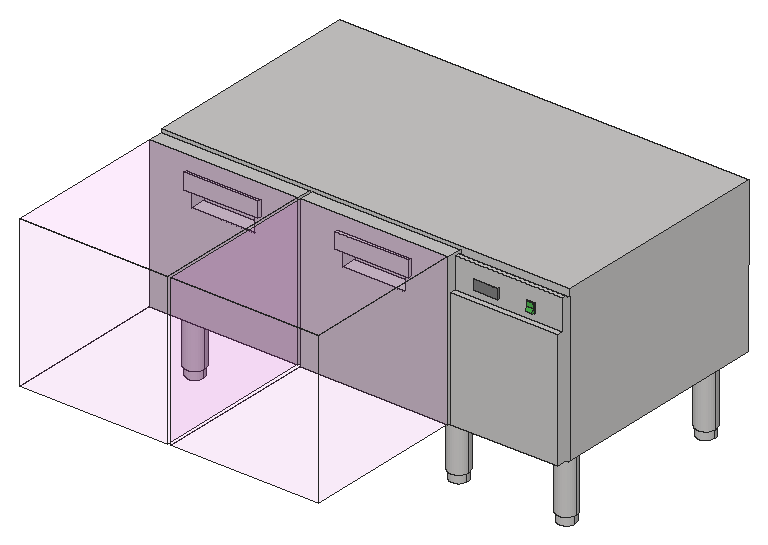
Revit family "QF_ELECTROLUXPROFESSIONAL_371374_E7TTEPCOMIN", category Specialty Equipment, Revit 2018 (continued)
Automatic sketch dimensions
  Split face 149 sketch curve to Extrusion 4 = 54.499 mm
  Split face 149 sketch curve to Split face 149 sketch curve = 0.02 mm  (x2)
  Split face 149 sketch curve to Extrusion 4 = 22.519 mm
  Split face 149 sketch curve to Extrusion 4 = 41.004 mm
  Split face 149 sketch curve to Split face 149 sketch curve = 4 mm
  Split face 150 sketch curve to Extrusion 4 = 25.004 mm
  Split face 150 sketch curve to Extrusion 4 = 54.499 mm
  Split face 150 sketch curve to Split face 150 sketch curve = 0.02 mm  (x2)
  Split face 150 sketch curve to Extrusion 4 = 22.519 mm
  Split face 150 sketch curve to Split face 150 sketch curve = 4 mm
  Split face 151 sketch curve to Extrusion 4 = 24.901 mm
  Split face 151 sketch curve to Extrusion 4 = 54.499 mm
  Split face 151 sketch curve to Split face 151 sketch curve = 0.02 mm  (x2)
  Split face 151 sketch curve to Extrusion 4 = 22.519 mm
  Split face 151 sketch curve to Split face 151 sketch curve = 4 mm
  plane 4 to Extrusion 8 sketch curve = 1.587 mm
  Extrusion 8 sketch curve to plane 3 "Centro (Sinistra/Destra)" = 156.499 mm
  Extrusion 8 sketch curve to plane 17 = 8.498 mm
  Extrusion 8 sketch curve to plane 5 "TOP" = 9.006 mm
  Split face 152 sketch curve to Extrusion 4 = 20.5 mm
  Split face 152 sketch curve to Split face 152 sketch curve = 0.02 mm  (x2)
  Split face 152 sketch curve to Split face 152 sketch curve = 31.959 mm
  Split face 152 sketch curve to Extrusion 4 = 140.797 mm
  Split face 152 sketch curve to Split face 152 sketch curve = 4 mm
  Split face 153 sketch curve to Extrusion 4 = 20.5 mm
  Split face 153 sketch curve to Split face 153 sketch curve = 0.02 mm  (x2)
  Split face 153 sketch curve to Split face 153 sketch curve = 31.959 mm
  Split face 153 sketch curve to Extrusion 4 = 152.797 mm
  Split face 153 sketch curve to Split face 153 sketch curve = 4 mm
  Split face 154 sketch curve to Extrusion 4 = 20.5 mm
  Split face 154 sketch curve to Split face 154 sketch curve = 0.02 mm  (x2)
  Split face 154 sketch curve to Split face 154 sketch curve = 31.959 mm
  Split face 154 sketch curve to Extrusion 4 = 148.203 mm
  Split face 154 sketch curve to Split face 154 sketch curve = 4 mm
  Split face 155 sketch curve to Extrusion 4 = 65.502 mm
  Split face 155 sketch curve to Split face 155 sketch curve = 0.02 mm  (x2)
  Split face 155 sketch curve to Split face 155 sketch curve = 31.959 mm
  Split face 155 sketch curve to Extrusion 4 = 140.797 mm
  Split face 155 sketch curve to Split face 155 sketch curve = 4 mm
  Split face 156 sketch curve to Extrusion 4 = 65.502 mm
  Split face 156 sketch curve to Split face 156 sketch curve = 0.02 mm  (x2)
  Split face 156 sketch curve to Split face 156 sketch curve = 31.959 mm
  Split face 156 sketch curve to Extrusion 4 = 152.797 mm
  Split face 156 sketch curve to Split face 156 sketch curve = 4 mm
  Split face 157 sketch curve to Extrusion 4 = 65.502 mm
  Split face 157 sketch curve to Split face 157 sketch curve = 0.02 mm  (x2)
  Split face 157 sketch curve to Split face 157 sketch curve = 31.959 mm
  Split face 157 sketch curve to Extrusion 4 = 148.203 mm
  Split face 157 sketch curve to Split face 157 sketch curve = 4 mm
  Split face 158 sketch curve to Extrusion 4 = 110.502 mm
  Split face 158 sketch curve to Split face 158 sketch curve = 0.02 mm  (x2)
  Split face 158 sketch curve to Split face 158 sketch curve = 31.959 mm
  Split face 158 sketch curve to Extrusion 4 = 140.797 mm
  Split face 158 sketch curve to Split face 158 sketch curve = 4 mm
  Split face 159 sketch curve to Extrusion 4 = 110.502 mm
  Split face 159 sketch curve to Split face 159 sketch curve = 0.02 mm  (x2)
  Split face 159 sketch curve to Split face 159 sketch curve = 31.959 mm
  Split face 159 sketch curve to Extrusion 4 = 152.797 mm
  Split face 159 sketch curve to Split face 159 sketch curve = 4 mm
  Split face 160 sketch curve to Extrusion 4 = 110.502 mm
  Split face 160 sketch curve to Split face 160 sketch curve = 0.02 mm  (x2)
  Split face 160 sketch curve to Split face 160 sketch curve = 31.959 mm
  Split face 160 sketch curve to Extrusion 4 = 148.203 mm
  Split face 160 sketch curve to Split face 160 sketch curve = 4 mm
  Split face 161 sketch curve to Extrusion 4 = 155.502 mm
  Split face 161 sketch curve to Split face 161 sketch curve = 0.02 mm  (x2)
  Split face 161 sketch curve to Split face 161 sketch curve = 31.959 mm
  Split face 161 sketch curve to Extrusion 4 = 140.797 mm
  Split face 161 sketch curve to Split face 161 sketch curve = 4 mm
  Split face 162 sketch curve to Extrusion 4 = 155.502 mm
  Split face 162 sketch curve to Split face 162 sketch curve = 0.02 mm  (x2)
  Split face 162 sketch curve to Split face 162 sketch curve = 31.959 mm
  Split face 162 sketch curve to Extrusion 4 = 152.797 mm
  Split face 162 sketch curve to Split face 162 sketch curve = 4 mm
  Split face 163 sketch curve to Extrusion 4 = 155.502 mm
  Split face 163 sketch curve to Split face 163 sketch curve = 0.02 mm  (x2)
  Split face 163 sketch curve to Split face 163 sketch curve = 31.959 mm
  Split face 163 sketch curve to Extrusion 4 = 148.203 mm
  Split face 163 sketch curve to Split face 163 sketch curve = 4 mm
  Split face 164 sketch curve to Extrusion 4 = 144.498 mm
  Split face 164 sketch curve to Split face 164 sketch curve = 0.02 mm  (x2)
  Split face 164 sketch curve to Split face 164 sketch curve = 31.959 mm
  Split face 164 sketch curve to Extrusion 4 = 140.797 mm
  Split face 164 sketch curve to Split face 164 sketch curve = 4 mm
  Split face 165 sketch curve to Extrusion 4 = 144.498 mm
  Split face 165 sketch curve to Split face 165 sketch curve = 0.02 mm  (x2)
  Split face 165 sketch curve to Split face 165 sketch curve = 31.959 mm
  Split face 165 sketch curve to Extrusion 4 = 152.797 mm
  Split face 165 sketch curve to Split face 165 sketch curve = 4 mm
  Split face 166 sketch curve to Extrusion 4 = 144.498 mm
  Split face 166 sketch curve to Split face 166 sketch curve = 0.02 mm  (x2)
  Split face 166 sketch curve to Split face 166 sketch curve = 31.959 mm
  Split face 166 sketch curve to Extrusion 4 = 148.203 mm
  Split face 166 sketch curve to Split face 166 sketch curve = 4 mm
  Split face 167 sketch curve to Extrusion 4 = 99.499 mm
  Split face 167 sketch curve to Split face 167 sketch curve = 0.02 mm  (x2)
  Split face 167 sketch curve to Split face 167 sketch curve = 31.959 mm
  Split face 167 sketch curve to Extrusion 4 = 140.797 mm
  Split face 167 sketch curve to Split face 167 sketch curve = 4 mm
  Split face 168 sketch curve to Extrusion 4 = 99.499 mm
  Split face 168 sketch curve to Split face 168 sketch curve = 0.02 mm  (x2)
  Split face 168 sketch curve to Split face 168 sketch curve = 31.959 mm
  Split face 168 sketch curve to Extrusion 4 = 152.797 mm
  Split face 168 sketch curve to Split face 168 sketch curve = 4 mm
  Split face 169 sketch curve to Extrusion 4 = 99.499 mm
  Split face 169 sketch curve to Split face 169 sketch curve = 0.02 mm  (x2)
  Split face 169 sketch curve to Split face 169 sketch curve = 31.959 mm
  Split face 169 sketch curve to Extrusion 4 = 148.203 mm
  Split face 169 sketch curve to Split face 169 sketch curve = 4 mm
  Split face 170 sketch curve to Extrusion 4 = 54.499 mm
  Split face 170 sketch curve to Split face 170 sketch curve = 0.02 mm  (x2)
  Split face 170 sketch curve to Extrusion 4 = 22.519 mm
  Split face 170 sketch curve to Extrusion 4 = 140.797 mm
  Split face 170 sketch curve to Split face 170 sketch curve = 4 mm
  Split face 171 sketch curve to Extrusion 4 = 54.499 mm
  Split face 171 sketch curve to Split face 171 sketch curve = 0.02 mm  (x2)
  Split face 171 sketch curve to Extrusion 4 = 22.519 mm
  Split face 171 sketch curve to Extrusion 4 = 152.797 mm
  Split face 171 sketch curve to Split face 171 sketch curve = 4 mm
  Split face 172 sketch curve to Extrusion 4 = 54.499 mm
  Split face 172 sketch curve to Split face 172 sketch curve = 0.02 mm  (x2)
  Split face 172 sketch curve to Extrusion 4 = 22.519 mm
  Split face 172 sketch curve to Extrusion 4 = 148.203 mm
  Split face 172 sketch curve to Split face 172 sketch curve = 4 mm
  Extrusion 9 sketch curve to Extrusion 2 = 15 mm  (x2)
  Extrusion 2 to Extrusion 9 sketch curve = 31.031 mm
  Extrusion 9 sketch curve to Extrusion 2 = 13.969 mm
  plane 4 to Extrusion 10 sketch curve = 1.587 mm
  Extrusion 10 sketch curve to plane 17 = 8.498 mm
  Extrusion 10 sketch curve to plane 14 = 75.198 mm
  Extrusion 10 sketch curve to plane 3 "Centro (Sinistra/Destra)" = 32.799 mm
  Extrusion 10 sketch curve to plane 3 "Centro (Sinistra/Destra)" = 156.499 mm
  Extrusion 10 sketch curve to plane 5 "TOP" = 143.294 mm
  Extrusion 10 sketch curve to plane 5 "TOP" = 65 mm
  Extrusion 10 sketch curve to plane 5 "TOP" = 9.006 mm
  Extrusion 11 sketch curve to Extrusion 10 = 15 mm  (x2)
  Extrusion 10 to Extrusion 11 sketch curve = 31.031 mm
  Extrusion 11 sketch curve to Extrusion 10 = 13.969 mm
  Extrusion 1 sketch curve to plane 18 = 0 mm
  Extrusion 1 sketch curve to plane 9 "RIGHT" = 1 mm
  Extrusion 12 sketch curve to plane 20 = 0 mm
  Extrusion 12 sketch curve to plane 21 = 0 mm
  curve 1 to plane 6 "BACK" = 0 mm
  curve 1 to plane 18 = 0 mm
  curve 15 to plane 18 = 0 mm
  curve 5 to plane 11 = 0 mm
  curve 1 to plane 19 = 0 mm
  curve 11 to plane 3 "Centro (Sinistra/Destra)" = 164.999 mm
  curve 9 to curve 14 = 8.5 mm
  curve 12 to plane 17 = 8.498 mm
  curve 12 to curve 14 = 40 mm
  plane 18 to curve 5 = 20 mm
  curve 6 to curve 9 = 20 mm
  curve 10 to curve 7 = 20 mm
  curve 8 to curve 10 = 20 mm
  curve 10 to plane 7 "FRONT" = 123 mm
  curve 9 to curve 10 = 0 mm
  curve 13 to curve 12 = 0 mm
  curve 17 to plane 10 = 0 mm
  radius of Split face 2 sketch curve = 1.2 mm
  radius of Split face 3 sketch curve = 1.2 mm
  radius of Split face 4 sketch curve = 1.2 mm
  radius of Split face 5 sketch curve = 1.2 mm
  radius of Split face 6 sketch curve = 1.2 mm
  radius of Split face 7 sketch curve = 1.2 mm
  radius of Extrusion 12 sketch curve = 6 mm
Nested families
  nested 1: "Foot H200" at (-545, -249, 0), type "Foot H200"
  nested 2: "Foot H200" at (-545, 262, 0), type "Foot H200"
  nested 3: "Foot H200" at (229, -249, 0) x (-1, 0, 0) z (0, 0, 1), type "Foot H200"
  nested 4: "Foot H200" at (229, 262, 0) x (-1, 0, 0) z (0, 0, 1), type "Foot H200"
  nested 5: "Foot H200" at (545, -249, 0) x (-1, 0, 0) z (0, 0, 1), type "Foot H200"
  nested 6: "Foot H200" at (545, 262, 0) x (-1, 0, 0) z (0, 0, 1), type "Foot H200"
  nested 7: "01_Refrigerator_freezer" at (350, -150, 0), type "01_Refrigerator_freezer"
Connectors
  electrical at (560, 190, 189.987)
    settings: on Extrusion 12, index 1, voltage 0 V, apparent load 0 VA, apparent load phase1 0 VA, apparent load phase2 0 VA, apparent load phase3 0 VA, power factor 1, load classification "Altro", number of poles 1, system type 30, power factor state 1, is connector primary yes, connector utility no, sub classification motor no, connector description "Electrical"
Definition of nested family "Foot H200"
  Reference planes
    plane 1 "Centro (Fronte/Retro)": y = 0
    plane 2: z = 0
    plane 3 "Centro (Sinistra/Destra)": x = 0
    plane 4: z = 200
  Forms (mm)
    Revolve 1, solid
      sketch origin (255.05, 0, 608.09) x (0, 0, 1) y (-1, 0, 0)
        loop
          line (-608.09, 255.05) -> (-608.09, 230.05) -> (-583.09, 230.05) -> (-583.09, 226.05) -> (-408.09, 226.05) -> (-408.09, 255.05) -> (-608.09, 255.05)
        axis (-608.09, 255.05) -> (-408.09, 255.05)
      angle from 0 to 360
  Dimensions and locks
    Revolve 1 sketch curve to Revolve 1 sketch curve = 175 mm
    plane 4 to level = 200 mm
    aligned and locked: level to plane 2
    aligned and locked: plane 4 to Revolve 1 sketch curve
    aligned and locked: Revolve 1 sketch curve to level
    aligned and locked: plane 3 "Centro (Sinistra/Destra)" to Revolve 1 sketch curve
Definition of nested family "01_Refrigerator_freezer"
  Reference planes
    plane 1 "Center (Front/Back)": y = 0
    plane 2: z = 0
    plane 3 "Center (Left/Right)": x = 0
  Lines and regions (mm)
    detail lines, in view "Ref. Level"
      curve 1: line (-80, -60, 0) -> (-80, 60, 0)
      curve 2: line (-131.962, 30, 0) -> (-28.038, -30, 0)
      curve 3: line (-131.962, -30, 0) -> (-28.038, 30, 0)
      curve 4: line (-60.884, 56.873, 0) -> (-80, 35, 0)
      curve 5: line (-80, 35, 0) -> (-99.116, 56.873, 0)
      curve 6: line (-110.311, 17.5, 0) -> (-120, 45.883, 0)
      curve 7: line (-139.736, 11.7, 0) -> (-110.311, 17.5, 0)
      curve 8: line (-110.311, -17.5, 0) -> (-139.736, -11.7, 0)
      curve 9: line (-120, -45.883, 0) -> (-110.311, -17.5, 0)
      curve 10: line (-80, -35, 0) -> (-99.116, -56.873, 0)
      curve 11: line (-60.884, -56.873, 0) -> (-80, -35, 0)
      curve 12: line (-49.689, -17.5, 0) -> (-40.304, -44.992, 0)
      curve 13: line (-21.188, -11.882, 0) -> (-49.689, -17.5, 0)
      curve 14: line (-49.689, 17.5, 0) -> (-21.188, 11.882, 0)
      curve 15: line (-40.304, 44.992, 0) -> (-49.689, 17.5, 0)
      curve 16: spline (-200, 0, 0) -> (-193.185, -23.294, 0) -> (-173.205, -45, 0) -> (-141.421, -63.64, 0) -> (-100, -77.942, 0) -> (-51.764, -86.933, 0) -> (0, -90, 0) -> (51.764, -86.933, 0) -> (100, -77.942, 0) -> (141.421, -63.64, 0) -> (173.205, -45, 0) -> (193.185, -23.294, 0) -> (200, 0, 0) -> (193.185, 23.294, 0) -> (173.205, 45, 0) -> (141.421, 63.64, 0) -> (100, 77.942, 0) -> (51.764, 86.933, 0) -> (0, 90, 0) -> (-51.764, 86.933, 0) -> (-100, 77.942, 0) -> (-141.421, 63.64, 0) -> (-173.205, 45, 0) -> (-193.185, 23.294, 0) -> (-200, 0, 0)
      curve 17: line (80, -60, 0) -> (80, 60, 0)
      curve 18: line (131.962, 30, 0) -> (28.038, -30, 0)
      curve 19: line (131.962, -30, 0) -> (28.038, 30, 0)
      curve 20: line (60.884, 56.873, 0) -> (80, 35, 0)
      curve 21: line (80, 35, 0) -> (99.116, 56.873, 0)
      curve 22: line (110.311, 17.5, 0) -> (120, 45.883, 0)
      curve 23: line (139.736, 11.7, 0) -> (110.311, 17.5, 0)
      curve 24: line (110.311, -17.5, 0) -> (139.736, -11.7, 0)
      curve 25: line (120, -45.883, 0) -> (110.311, -17.5, 0)
      curve 26: line (80, -35, 0) -> (99.116, -56.873, 0)
      curve 27: line (60.884, -56.873, 0) -> (80, -35, 0)
      curve 28: line (49.689, -17.5, 0) -> (40.304, -44.992, 0)
      curve 29: line (21.188, -11.882, 0) -> (49.689, -17.5, 0)
      curve 30: line (49.689, 17.5, 0) -> (21.188, 11.882, 0)
      curve 31: line (40.304, 44.992, 0) -> (49.689, 17.5, 0)
Types (2, lengths in mm): name | URL | Manufacturer | Phase | Model | Description
  (no name) | 0 | 0 | 0 | 0 | 0
  Standard | "http://professional.electrolux.com" | "Electrolux Professional" | 1 | "E7TTEPCOMIN" | "FREEZER BASE+2DRAWERS -15-20°C 1200MM-60HZ - R290"
